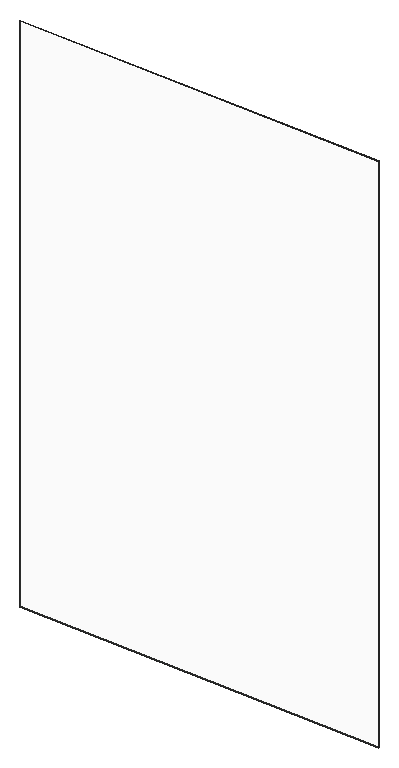
Revit family "Building-Materials_Glass-Glazing_Vitro-Architectural-Glass_Solexia-Monolithic-Glass", category Curtain Panels, Revit 2026
Family settings
  Classification Number = 23.25.20.14.11.11.17
  Always vertical = Yes
  Cut with Voids When Loaded = No
  Shared = No
Parameters (values of type "Solexia Monolithic")
  Visual Light Transmittance = 0.77  # constant formula
  UV Light Transmittance = 0.31
  URL = "https://www.vitroglazings.com/"
  U-Value Argon (Winter Night) = 0.0000 BTU/(h·ft²·°F)
  U-Value Argon (Summer Day) = 0.0000 BTU/(h·ft²·°F)
  U-Value Air (Winter Night) = 1.0200 BTU/(h·ft²·°F)
  U-Value Air (Summer Day) = 0.9200 BTU/(h·ft²·°F)
  Thickness = 0' - 0 1/4"
  Thermal Resistance (R) = 8.3333 (h·ft²·°F)/BTU  # constant formula
  Solar Light Transmittance = 0.47
  Solar Heat Gain Coefficient = 0.62  # constant formula
  Shadow Coefficient = 0.71
  Reflectance (Visible Interior) = 8
  Reflectance (Visible Exterior) = 8
  Product data url = "https://www.bimobject.com/vitroarchictecturalglass/product/solexia-glass"
  Product Page URL = "https://www.vitroglazings.com/products/performance-tinted-glass/blue-green-tinted-glass/solexia-glass/"
  Product Guid = "9e27eae3-b117-465b-ad7d-7b84a973d80c"
  Model = "Solexia Monolithic"
  Manufacturer = "Vitro Architectural Glass "  # constant formula
  Light to Solar Gain = 1.24
  Keynote = "08900"
  ISO Damage Weighted Transmittance = 0.63
  Heat Transfer Coefficient (U) = 0.2900 BTU/(h·ft²·°F)  # constant formula
  Glass Material = Vitro Architectural-Glass - Solexia
  Finish = "Glass"
  Description = "Offering high light transmittance, Solexia® glass is a soothing, light green tinted glass that is part of the nautically inspired collection by Vitro Glass. Trusted by architects since 1952, Solexia® glass remains an industry standard for spectrally selective performance."  # constant formula
  Define Thermal Properties by = Schematic Type
  Assembly Code = "B2020220"
  Analytic Construction = "Large single-glazed windows"
Reference planes (in)
  plane 1 "Front": y = 0
  plane 2: z = 0
  plane 3 "Center (Left/Right)": x = 0
  plane 4 "Left": x = -32.75106
  plane 5 "Right": x = 32.75106
  plane 6 "Top": z = 96
  plane 7: y = 0.125
  plane 8: y = -0.125
Forms (in)
  Extrusion 1, solid, material "Vitro Architectural-Glass - Solexia" <- "Glass Material"
    sketch origin (0, 0.5, 0) x (1, 0, 0) y (0, 1, 0)
      loop
        line (-32.75106, -0.375) -> (-32.75106, -0.625) -> (32.75106, -0.625) -> (32.75106, -0.375) -> (-32.75106, -0.375)
    from 0 to 96
Text (in)
  text "Exterior" at (-54.29358, 31.38743, 0), in view "Ref. Level"
  text "Exterior" at (480, 41.53993, 89.60405), in view "Right"
  text "Exterior" at (-240, 57.82419, 105.78864), in view "Left"
Dimensions and locks (in)
  equal spacing: plane 4 "Left", plane 3 "Center (Left/Right)", plane 5 "Right"
  plane 7 to Extrusion 1 sketch curve = 0' - 0"
  equal spacing: plane 7, plane 1 "Front", plane 8
  "Thickness": plane 7 to plane 8
  aligned and locked: level to plane 2
  aligned and locked: Extrusion 1 sketch curve to plane 4 "Left"
  aligned and locked: plane 5 "Right" to Extrusion 1 sketch curve
  aligned and locked: Extrusion 1 to plane 6 "Top"
  aligned and locked: Extrusion 1 to level
  aligned and locked: plane 7 to Extrusion 1
  aligned and locked: Extrusion 1 to plane 8
Automatic sketch dimensions
  Extrusion 1 sketch curve to plane 7 = 0' - 0 1/4"
